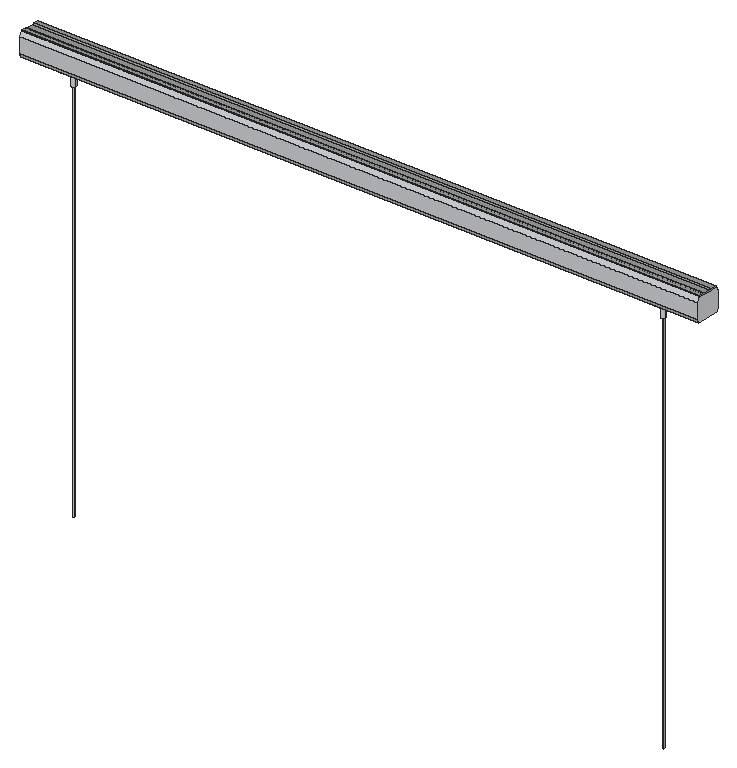
Revit family "0042532 Sylvania Lighting Fixture ISOLINE  1690MM BLANK UNIT 5C", category Lighting Fixtures, host Face, Revit 2018
Family settings
  Host = Face
  Round Connector Dimension = Use Diameter
  Part Type = Normal
  OmniClass Number = 23.80.70.00
  OmniClass Title = Lighting
  Cut with Voids When Loaded = No
  Light Source = No
  Shared = No
  Room Calculation Point = No
Parameters (values of type "0042532 ISOLINE  1690MM BLANK UNIT 5C")
  suspension height = 1000 mm
  spacer height = 5 mm
  spacer centres = 1000 mm
  height = 58.791 mm
  Width = 62 mm
  Weight = "n/a"
  Wattage Comments = ""
  WarrantyStartDate [instance] = "n/a"
  WarrantyGuarantorParts = "n/a"
  WarrantyDurationUnit = "n/a"
  WarrantyDurationParts = ""
  WarrantyDescription = "http://www.sylvania-lighting.com"
  Voltage = 0 V
  URL = "0"
  TypeName = "ISOLINE  1690MM BLANK UNIT 5C"
  Type Image = <None>
  Type Comments = "n/a"
  SerialNumber [instance] = "n/a"
  Material_3_FEILO = none
  PowerFactor = 0
  PowerConsumption = "Lighting"
  NominalLength = 62 mm
  NominalHeight = 0 mm
  NominalDepth = 0 mm
  Name = "ISOLINE  1690MM BLANK UNIT 5C"
  ModelReference = Name  # "ISOLINE  1690MM BLANK UNIT 5C"
  ModelNumber = "0042532"
  Model = Name  # "ISOLINE  1690MM BLANK UNIT 5C"
  Material = "Feilo Sylvania"
  ManufacturerName = "n/a"
  Manufacturer = ""
  LuminousEfficacy = ""
  LuminaireType = "0"
  LightOutputRatio = "LED"
  Length = 1690 mm
  LampsType = Lamp  # "n/a"
  LampNominalLuminous = "n/a"
  LampMacAdamStep = "n/a"
  LampColourTemperature = "LED"
  LampColourRenderingIndex = "16500"
  Lamp = "n/a"
  Keynote = "n/a"
  InstallationDate [instance] = "n/a"
  InputVoltage = "0"
  InputNominalFrequency = ""
  IngressProtection = "IfcLightFixtureType"
  ImpactProtectionIndex = "IfcLightFixtureType"
  IfcExportType = "IfcLightFixtureType"
  IfcExportAs = "n/a"
  Height = 1000 mm
  ExpectedLife = 50000
  ElectricShockClassification = ""
  DurationUnit = "hours"
  DocumentationLiterature = "http://www.sylvania-lighting.com/product/en-int/products/0042532"
  DimmingControlOptions = "n/a"
  Material_2_FEILO = none
  Description = "A ful 1690 rail with LED but no output. Fitted with 8 wires"
  Default Elevation = 1219.2 mm
  CreatedOn = "04/03/2021"
  CreatedBy = "@sylvania-lighting.com"
  Cost = 0
  built-in parameter 1114216 [instance] = (empty or 0)
  ClassificationValue = "EF_70_80"
  ClassificationName = "Uniclass2015"
  Material_1_FEILO = none
  BarCode [instance] = "n/a"
  AssetType = "Fixed"
  AssetIdentifier [instance] = "n/a"
  Assembly Code = "D5020200"
  Apparent Load = 0 VA
  Material_4_FEILO = none
Reference planes
  plane 1 "Center (Front/Back)": y = 0
  plane 2: z = 0
  plane 3 "Center (Left/Right)": x = 0
  plane 4: z = 0
  plane 5: z = 1000
  plane 6: y = 31
  plane 7: y = -31
  plane 8: x = -845
  plane 9: x = 845
  plane 10: x = -37.307
  plane 11: x = 55
  plane 12: z = 1058.791
  plane 13: z = 51
  plane 14: y = -27
  plane 15: y = 27
  plane 16: z = 12
  plane 17: y = -24.969
  plane 18: y = 25
  plane 19: y = 12
  plane 20: y = -12
  plane 21: z = 1.634
  plane 22: y = -8
  plane 23: y = 8
  plane 24: z = 995
  plane 25: y = 26.98
  plane 26: y = 16.98
  plane 27: y = -27.027
  plane 28: y = -17.004
  plane 29: z = 996.5
  plane 30: y = 26.002
  plane 31: y = -26.027
  plane 32: through (-1580, 7.965, 1219.2) normal (0.5391, 0.8423, 0)
  plane 33: through (-1555, 7.965, 1219.2) normal (0.5391, -0.8423, 0)
  plane 34: through (1555, 7.965, 1219.2) normal (0.5391, 0.8423, 0)
  plane 35: through (1580, 8, 1219.2) normal (0.5399, -0.8417, 0)
  plane 36: z = 1058.003
  plane 37: z = 1056.819
  plane 38: x = -735
  plane 39: x = 735
Forms (mm)
  Extrusion 1, solid, detail levels medium+fine
    sketch origin (-1690, -1523.717, -160.594) x (0, -1, -0.000261) y (0, 0.000261, -1)
      loop
        line (-1493, -1168.2) -> (-1497, -1160.2) -> (-1551, -1160.2) -> (-1555, -1168.2) -> (-1555, -1207.2) -> (-1549.109, -1218.982) -> (-1535.466, -1218.982) -> (-1532, -1217.566) -> (-1516, -1217.566) -> (-1512.511, -1218.991) -> (-1498.896, -1218.991) -> (-1493, -1207.2) -> (-1493, -1168.2)
    from 845 to 2535
  Extrusion 2, solid
    sketch origin (722.452, 1524, 1219.247) x (0, 1, 0) y (0, 0, 1)
      loop
        line (-1497.021, -219.189) -> (-1498.02, -219.189) -> (-1507.02, -223.699) -> (-1541.004, -223.699) -> (-1550.017, -219.203) -> (-1551.02, -219.203) -> (-1541.004, -224.2) -> (-1507.02, -224.2) -> (-1497.021, -219.189)
    from 0 to 25
  Extrusion 3, solid
    sketch origin (-747.495, 1524, 1219.189) x (0, 1, 0) y (0, 0, 1)
      loop
        line (-1497.021, -219.189) -> (-1498.02, -219.189) -> (-1507.02, -223.699) -> (-1541.004, -223.699) -> (-1550.017, -219.203) -> (-1551.02, -219.203) -> (-1541.004, -224.2) -> (-1507.02, -224.2) -> (-1497.021, -219.189)
    from 0 to 25
  Extrusion 4, solid
    sketch origin (836.384, 0, 0) x (1, 0, 0) y (0, 1, 0)
      loop
        circle (-1571.7, -0.035) r 5
    from 962.277 to 995
  Extrusion 5, solid
    sketch origin (2306.545, 0.065, 0) x (1, 0, 0) y (0, 1, 0)
      loop
        circle (-1571.7, -0.035) r 5
    from 962.277 to 995
  Extrusion 6, solid
    sketch origin (836.717, 0, 0) x (1, 0, 0) y (0, 1, 0)
      loop
        circle (-1571.7, -0.035) r 1.5
    from 0 to 962.277
  Extrusion 7, solid
    sketch origin (2306.663, 0.033, 0) x (1, 0, 0) y (0, 1, 0)
      loop
        circle (-1571.7, -0.035) r 1.5
    from 0 to 962.277
  Extrusion 8, solid, material "Glass, White, High Luminance", detail levels fine
    sketch origin (319, 1524, 1219.2) x (0, 1, 0) y (0, 0, 1)
      loop
        line (-1498.926, -160.099) -> (-1512.703, -160.099) -> (-1516.213, -161.534) -> (-1531.9, -161.534) -> (-1535.47, -160.114) -> (-1549.12, -160.114) -> (-1549.12, -161.197) -> (-1535.782, -161.197) -> (-1532.805, -162.381) -> (-1515.468, -162.381) -> (-1512.929, -161.197) -> (-1498.926, -161.197) -> (-1498.926, -160.099)
    from -1164 to 526
  Extrusion 9, solid, detail levels coarse
    sketch origin (319, 1524, 1219.2) x (0, 1, 0) y (0, 0, 1)
      loop
        line (-1493, -160.052) -> (-1555, -160.052) -> (-1555, -1219.2) -> (-1493, -1219.2) -> (-1493, -160.052)
    from -1164 to 526
Dimensions and locks
  "Width": plane 6 to plane 7
  equal spacing: plane 6, plane 1 "Center (Front/Back)", plane 7
  "Length": plane 8 to plane 9
  equal spacing: plane 8, plane 3 "Center (Left/Right)", plane 9
  "height": plane 12 to plane 5
  "suspension height": plane 5 to level
  aligned and locked: host face to plane 2
  aligned and locked: host face to level
Automatic sketch dimensions
  host sketch curve to host sketch curve = 3582.803 mm
  host sketch curve to host sketch curve = 2438.4 mm
  Extrusion 1 sketch curve to plane 25 = 0 mm
  Extrusion 1 sketch curve to plane 6 = 0.033 mm
  Extrusion 1 sketch curve to plane 12 = 11.778 mm
  Extrusion 1 sketch curve to Extrusion 1 sketch curve = 4 mm  (x2)
  Extrusion 1 sketch curve to Extrusion 1 sketch curve = 5.891 mm
  Extrusion 1 sketch curve to Extrusion 1 sketch curve = 13.643 mm
  Extrusion 1 sketch curve to Extrusion 1 sketch curve = 3.466 mm
  Extrusion 1 sketch curve to Extrusion 1 sketch curve = 16 mm
  Extrusion 1 sketch curve to Extrusion 1 sketch curve = 3.489 mm
  Extrusion 1 sketch curve to Extrusion 1 sketch curve = 13.615 mm
  Extrusion 1 sketch curve to Extrusion 1 sketch curve = 54 mm
  Extrusion 1 sketch curve to Extrusion 1 sketch curve = 47 mm
  Extrusion 1 sketch curve to Extrusion 1 sketch curve = 10.366 mm
  Extrusion 1 sketch curve to Extrusion 1 sketch curve = 1.425 mm
  Extrusion 1 sketch curve to Extrusion 1 sketch curve = 11.782 mm
  Extrusion 1 sketch curve to Extrusion 1 sketch curve = 8 mm  (x2)
  Extrusion 2 sketch curve to plane 28 = 0 mm  (x2)
  Extrusion 2 sketch curve to plane 26 = 0 mm  (x2)
  plane 5 to Extrusion 2 sketch curve = 0.058 mm
  Extrusion 2 sketch curve to plane 31 = 0.01 mm
  Extrusion 2 sketch curve to plane 27 = 0.007 mm
  plane 30 to Extrusion 2 sketch curve = 0.022 mm
  plane 25 to Extrusion 2 sketch curve = 0.001 mm
  plane 5 to Extrusion 2 sketch curve = 0.044 mm
  plane 24 to Extrusion 2 sketch curve = 0.547 mm
  plane 24 to Extrusion 2 sketch curve = 0.047 mm
  Extrusion 3 sketch curve to plane 28 = 0 mm  (x2)
  Extrusion 3 sketch curve to plane 26 = 0 mm  (x2)
  Extrusion 3 sketch curve to plane 5 = 0 mm
  Extrusion 3 sketch curve to plane 31 = 0.01 mm
  Extrusion 3 sketch curve to plane 27 = 0.007 mm
  plane 30 to Extrusion 3 sketch curve = 0.022 mm
  plane 25 to Extrusion 3 sketch curve = 0.001 mm
  Extrusion 3 sketch curve to plane 5 = 0.014 mm
  plane 24 to Extrusion 3 sketch curve = 0.489 mm
  Extrusion 3 sketch curve to plane 24 = 0.011 mm
  plane 32 to Extrusion 4 sketch curve = 448.592 mm
  plane 33 to Extrusion 4 sketch curve = 448.592 mm
  Extrusion 5 sketch curve to plane 1 "Center (Front/Back)" = 0.029 mm
  plane 32 to Extrusion 6 sketch curve = 448.771 mm
  plane 33 to Extrusion 6 sketch curve = 448.771 mm
  plane 1 "Center (Front/Back)" to Extrusion 7 sketch curve = 0.002 mm
  Extrusion 8 sketch curve to plane 36 = 0 mm  (x2)
  Extrusion 8 sketch curve to plane 37 = 0 mm
  plane 17 to Extrusion 8 sketch curve = 0.151 mm
  Extrusion 8 sketch curve to plane 20 = 0.218 mm
  plane 12 to Extrusion 8 sketch curve = 0.295 mm
  Extrusion 8 sketch curve to plane 20 = 0.53 mm
  plane 22 to Extrusion 8 sketch curve = 0.805 mm
  Extrusion 8 sketch curve to plane 22 = 0.1 mm
  plane 23 to Extrusion 8 sketch curve = 0.213 mm
  Extrusion 8 sketch curve to plane 23 = 0.532 mm
  plane 19 to Extrusion 8 sketch curve = 0.929 mm
  Extrusion 8 sketch curve to plane 18 = 0.074 mm
  plane 37 to Extrusion 8 sketch curve = 0.848 mm
  plane 19 to Extrusion 8 sketch curve = 0.703 mm
  plane 12 to Extrusion 8 sketch curve = 0.31 mm
  Extrusion 9 sketch curve to plane 7 = 0 mm
  Extrusion 9 sketch curve to plane 6 = 0 mm
  Extrusion 9 sketch curve to plane 29 = 996.5 mm
  plane 12 to Extrusion 9 sketch curve = 0.357 mm
  Extrusion 5 sketch curve to plane 39 = 0.155 mm
  Extrusion 7 sketch curve to plane 39 = 0.037 mm
  radius of Extrusion 4 sketch curve = 5 mm
  radius of Extrusion 5 sketch curve = 5 mm
  radius of Extrusion 6 sketch curve = 1.5 mm
  radius of Extrusion 7 sketch curve = 1.5 mm
Connectors
  electrical at (0, -0.02, 1000.004)
    settings: on Extrusion 1, index 1, voltage 0 V, apparent load 0 VA, apparent load phase1 0 VA, apparent load phase2 0 VA, apparent load phase3 0 VA, power factor 1, load classification "Other", number of poles 1, system type 31, power factor state 1, is connector primary yes, connector utility no, sub classification motor no, connector description ""
